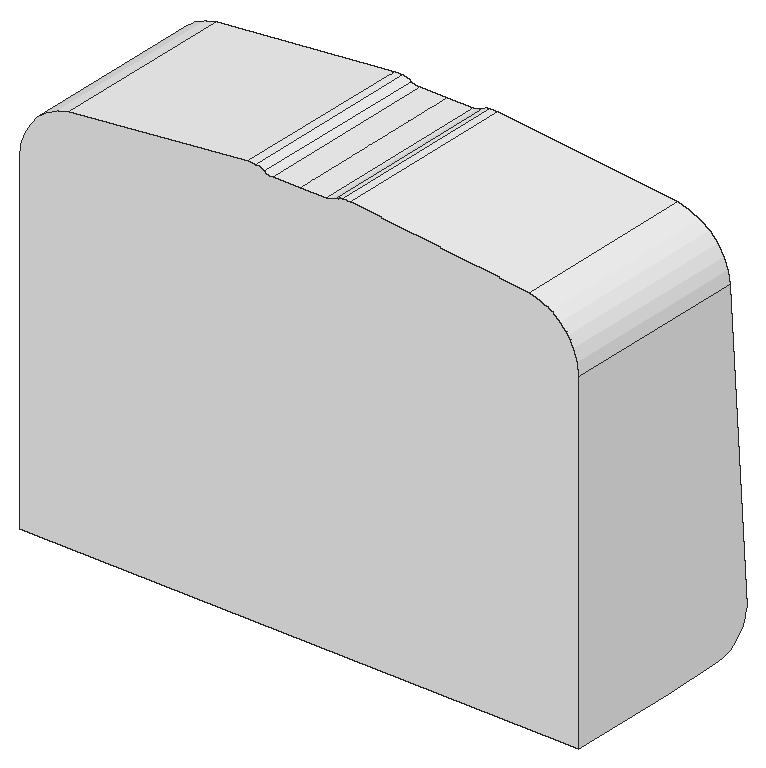
Revit family "Vent_Cap-Navien-Outdoor-Kit-NPE-2", category Mechanical Equipment, host Face, Revit 2019
Family settings
  Host = Face
  Round Connector Dimension = Use Diameter
  Part Type = Normal
  OmniClass Number = 23.65.35.11
  OmniClass Title = Supply Water Heaters
  Cut with Voids When Loaded = No
  Shared = No
  Room Calculation Point = No
Parameters (values of type "Outdoor Vent Kit for NPE-2 Series")
  Width = 17.80"  # constant formula
  Weight = 0.00 lbf
  Warranty = "https://www.navieninc.com/warranties"
  Version = "2019 - v1.0.a"  # constant formula
  URL = "https://www.navieninc.com"
  Product Page URL = "https://www.navieninc.com/accessories"
  Product Name = "Outdoor Vent Kit for NPE-2 Series"  # constant formula
  Product Documentation Link = "https://www.navieninc.com/downloads/outdoor-vent-kit-for-npe-2-installation-manual-en"
  Model = "30025801A"  # constant formula
  Material = ""
  Manufacturer Phone Number = "(949) 420-0420"  # constant formula
  Manufacturer Fax Number = "(949) 420-0430"  # constant formula
  Manufacturer Address = "20 Goodyear, Irvine, CA 92618"  # constant formula
  Manufacturer = "Navien, Inc."  # constant formula
  Keynote = "Division 22"
  Installation Type = "Outdoor Vent Cover - Wall Mounted"  # constant formula
  Height = 7.50"  # constant formula
  Finish = Polypropylene - Navien - White
  Description = "Designed for use with NPE-2 series units when installing your unit outside. Required for outdoor installations.\r\n\r\n1 year warranty from date of purchase."  # constant formula
  Depth = 13.10"  # constant formula
  Default Elevation = 48.00"
  Copyright = "All contents copyright © Navien Inc."  # constant formula
  Assembly Code = "D"
Reference planes (in)
  plane 1 "Center (Front/Back)": y = 0
  plane 2: z = 0
  plane 3 "Center (Left/Right)": x = 0
  plane 4: z = 0.26014
  plane 5: y = 7.5
  plane 6: x = -8.9
  plane 7: x = 8.9
  plane 8: z = 13.1
Forms (in)
  Extrusion 1, solid, material "Polypropylene - Navien - White" <- "Finish", detail levels coarse
    sketch origin (0, 19.32383, 4.3925) x (0, 1, 0) y (-1, 0, 0)
      loop
        line (-12.67997, 8.9) -> (-19.32383, 8.9) -> (-19.32383, -8.9) -> (-12.67997, -8.9) -> (-12.67997, 8.9)
    from -4.3925 to 8.7075
  Extrusion 2, solid, material "Polypropylene - Navien - White" <- "Finish", detail levels coarse
    sketch origin (-3.37047, -180, 9.44422) x (0, 0, 1) y (0, -1, 0)
      loop
        line (1.72011, -186.25) -> (-8.11857, -186.25) -> (-8.11857, -186.88151) -> (1.72011, -187.5695) -> (1.72011, -186.25)
    from -5.52953 to 12.27047
  Extrusion 3, solid, material "Polypropylene - Navien - White" <- "Finish", detail levels medium+fine
    sketch origin (0, -0.83206, 1.0493) x (1, 0, 0) y (0, 0.07263, 0.997359)
      loop
        arc (4.17242, 9.01171) -> (4.20143, 9.89714) -> (3.48155, 10.41346) r 0.94
        arc (3.48155, 10.41346) -> (-1.6699, 10.75185) -> (-6.82113, 10.41006) r 39.18362
        arc (-6.82113, 10.41006) -> (-7.50445, 9.96289) -> (-7.58333, 9.15008) r 0.94403
        line (-7.58333, 9.15008) -> (-4.50533, 0.73199)
        arc (-4.50533, 0.73199) -> (-4.41011, 0.60818) -> (-4.26114, 0.56127) r 0.26
        line (-4.26114, 0.56127) -> (-0.85627, 0.56127)
        arc (-0.85627, 0.56127) -> (-0.72492, 0.59647) -> (-0.62879, 0.69263) r 0.26265
        line (-0.62879, 0.69263) -> (4.17242, 9.01171)
    from -7.6553 to -5.75597
  Extrusion 4, solid, material "Polypropylene - Navien - White" <- "Finish", detail levels medium+fine
    sketch origin (-3.37047, -180, 9.44422) x (0, 0, 1) y (0, -1, 0)
      loop
        line (-9.38414, -186.74933) -> (3.65578, -185.83749) -> (3.65578, -180) -> (-9.38414, -180) -> (-9.38414, -186.74933)
    from -5.52953 to 12.27047
  Extrusion 5, void
    sketch origin (0, 0, -0.125) x (1, 0, 0) y (0, 0, 1)
      loop
        line (9.23383, 10.77913) -> (9.23383, 14.16908) -> (-9.26617, 14.16908) -> (-9.26617, 10.77913) -> (-8.9, 10.77913)
        arc (-8.9, 10.77913) -> (-8.4527, 11.99332) -> (-7.32892, 12.63477) r 1.889
        arc (-7.32892, 12.63477) -> (-4.39778, 13.03332) -> (-1.44634, 13.23201) r 43.56088
        arc (-1.44634, 13.23201) -> (-1.2776, 13.19719) -> (-1.12369, 13.11974) r 0.65784
        arc (-1.12369, 13.11974) -> (-0.98991, 13.06987) -> (-0.84839, 13.0511) r 0.63566
        line (-0.84839, 13.0511) -> (0, 13.0511) -> (0.84839, 13.0511)
        arc (0.84839, 13.0511) -> (0.98991, 13.06987) -> (1.12369, 13.11974) r 0.63566
        arc (1.12369, 13.11974) -> (1.2776, 13.19719) -> (1.44634, 13.23201) r 0.65784
        arc (1.44634, 13.23201) -> (4.39778, 13.03332) -> (7.32892, 12.63477) r 43.56088
        arc (7.32892, 12.63477) -> (8.4527, 11.99332) -> (8.9, 10.77913) r 1.889
        line (8.9, 10.77913) -> (9.23383, 10.77913)
    from -9.17558 to 1.84856
  Extrusion 6, void
    sketch origin (-3.37047, -180, 9.44422) x (0, 0, 1) y (0, -1, 0)
      loop
        line (-8.3078, -187.36589) -> (-8.3078, -186.64882)
        arc (-8.3078, -186.64882) -> (-9.03062, -186.28286) -> (-9.34757, -185.53724) r 1.1811
        line (-9.34757, -185.53724) -> (-9.44422, -180) -> (-9.57429, -180) -> (-9.57429, -187.36589) -> (-8.3078, -187.36589)
    from -5.52953 to 12.27047
Cuts and joins
  joined: Extrusion 1, Extrusion 2
  Extrusion 5, Extrusion 6 cuts Extrusion 4
Dimensions and locks (in)
  locked: host sketch curve to plane 1 "Center (Front/Back)" at 22  (x9)
  locked: host sketch curve to plane 1 "Center (Front/Back)" at 37.02539  (x9)
  Extrusion 1 sketch curve to plane 1 "Center (Front/Back)" = 6.64386"  (x3)
  locked: Extrusion 1 sketch curve to level at 4.3925  (x36)
  locked: Extrusion 2 sketch curve to plane 1 "Center (Front/Back)" at 6.25  (x9)
  Extrusion 2 sketch curve to level = 11.16434"  (x3)
  Extrusion 4 sketch curve to level = 13.10"  (x3)
  Extrusion 5 sketch curve to level = 14.04408"  (x3)
  plane 1 "Center (Front/Back)" to plane 5 = 7.50"
  plane 8 to level = 13.10"
  locked: Extrusion 1 sketch curve to plane 1 "Center (Front/Back)" at 6.64386  (x6)
  locked: Extrusion 2 sketch curve to level at 1.32566  (x6)
  locked: Extrusion 2 sketch curve to level at 11.16434  (x6)
  locked: Extrusion 3 sketch curve to plane 1 "Center (Front/Back)" at 0.7913  (x10)
  locked: Extrusion 3 sketch curve to plane 1 "Center (Front/Back)" at 0.78176  (x2)
  locked: Extrusion 3 sketch curve to plane 1 "Center (Front/Back)" at 0.7789  (x2)
  locked: Extrusion 3 sketch curve to plane 1 "Center (Front/Back)" at 0.16749  (x2)
  locked: Extrusion 3 sketch curve to plane 1 "Center (Front/Back)" at 0.17754  (x2)
  locked: Extrusion 3 sketch curve to level at 1.60909  (x10)
  locked: Extrusion 3 sketch curve to level at 1.7401  (x2)
  locked: Extrusion 3 sketch curve to level at 1.77935  (x2)
  locked: Extrusion 3 sketch curve to level at 11.43186  (x4)
  locked: Extrusion 3 sketch curve to level at 10.17521  (x2)
  locked: Extrusion 3 sketch curve to level at 11.43526  (x4)
  locked: Extrusion 3 sketch curve to level at 10.03721  (x2)
  locked: Extrusion 4 sketch curve to level at 13.1  (x6)
  locked: Extrusion 5 sketch curve to level at 14.04408  (x6)
  locked: Extrusion 5 sketch curve to level at 10.65413  (x16)
  locked: Extrusion 5 sketch curve to level at 12.50977  (x8)
  locked: Extrusion 5 sketch curve to level at 13.10701  (x8)
  locked: Extrusion 5 sketch curve to level at 12.99474  (x8)
  locked: Extrusion 5 sketch curve to level at 12.9261  (x16)
  locked: Extrusion 6 sketch curve to plane 1 "Center (Front/Back)" at 6.64882  (x2)
  locked: Extrusion 6 sketch curve to plane 1 "Center (Front/Back)" at 5.53724  (x2)
  locked: Extrusion 6 sketch curve to plane 1 "Center (Front/Back)" at 4.29491  (x2)
  locked: Extrusion 6 sketch curve to plane 1 "Center (Front/Back)" at 7.36589  (x6)
  locked: Extrusion 6 sketch curve to level at 1.13643  (x8)
  locked: Extrusion 6 sketch curve to level at 0.09506  (x2)
  locked: Extrusion 6 sketch curve to level at 0.13007  (x6)
  Extrusion 1 sketch curve to plane 3 "Center (Left/Right)" to Extrusion 1 sketch curve = 8.90" locked, 8.90" locked
  Extrusion 3 sketch curve to Extrusion 3 sketch curve to Extrusion 3 sketch curve to plane 3 "Center (Left/Right)" to Extrusion 3 sketch curve to Extrusion 3 sketch curve to Extrusion 3 sketch curve to Extrusion 3 sketch curve to Extrusion 3 sketch curve to Extrusion 3 sketch curve = 0.69087" locked, 0.12327" locked, 3.35828" locked, 0.62879" locked, 0.22748" locked, 3.40487" locked, 0.24419" locked, 2.3158" locked, 0.7622" locked
  Extrusion 3 sketch curve to plane 3 "Center (Left/Right)" to Extrusion 3 sketch curve to Extrusion 3 sketch curve to Extrusion 3 sketch curve = 3.35828" locked, 0.85627" locked, 3.40487" locked, 2.43557" locked
  plane 7 to plane 3 "Center (Left/Right)" to plane 6 = 8.90" locked, 8.90" locked
  plane 1 "Center (Front/Back)" to Extrusion 3 to Extrusion 3 to Extrusion 3 to Extrusion 3 = 4.94947" locked, 0.71556" locked, 1.18829" locked, 0.70602" locked
  Extrusion 5 sketch curve to Extrusion 5 sketch curve to plane 3 "Center (Left/Right)" to Extrusion 5 sketch curve to Extrusion 5 sketch curve = 8.38544" locked, 0.84839" locked, 0.84839" locked, 8.41779" locked
  Extrusion 3 sketch curve to plane 3 "Center (Left/Right)" to Extrusion 3 sketch curve to Extrusion 3 sketch curve = 3.35828" locked, 1.65695" locked, 5.03976" locked
  Extrusion 5 sketch curve to Extrusion 5 sketch curve to plane 3 "Center (Left/Right)" to Extrusion 5 sketch curve to Extrusion 5 sketch curve = 7.00886" locked, 0.00216" locked, 0.00216" locked, 7.00886" locked
  plane 1 "Center (Front/Back)" to Extrusion 4 sketch curve to Extrusion 4 sketch curve to Extrusion 4 sketch curve = 0.00" locked, 5.83749" locked, 0.91184" locked
  aligned and locked: plane 2 to host face
  aligned and locked: level to host face
  aligned and locked: cut or joined group of Extrusion 1, Extrusion 2 to plane 6
  aligned and locked: cut or joined group of Extrusion 1, Extrusion 2 to plane 7
  aligned and locked: cut or joined group of Extrusion 4, Extrusion 5, Extrusion 6 to plane 6
  aligned and locked: cut or joined group of Extrusion 4, Extrusion 5, Extrusion 6 to plane 7
  aligned and locked: Extrusion 6 to cut or joined group of Extrusion 1, Extrusion 2
  aligned and locked: cut or joined group of Extrusion 1, Extrusion 2 to Extrusion 6
